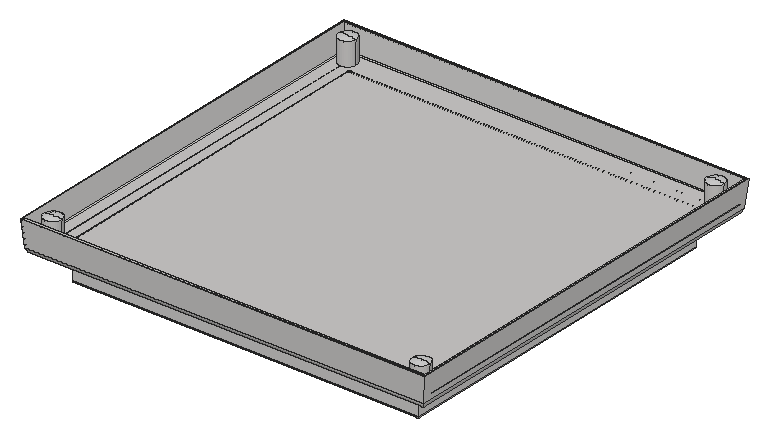
Revit family "Gorter BV THERMO 800x800mm", category Generic Models, host Face, Revit 2019
Family settings
  Host = Face
  Can host rebar = No
  Round Connector Dimension = Use Diameter
  Part Type = Normal
  Cut with Voids When Loaded = Yes
  Shared = No
  Room Calculation Point = No
Parameters (values of type "BV THERMO 800x800mm")
  vullen_met_beton = "ja"  # constant formula
  vergrendeling = "nee"  # constant formula
  uitwendige_lengte = 935 mm
  uitwendige_breedte = 935 mm
  sluiting = "4"  # constant formula
  scharnierend = "nee"  # constant formula
  rubberen_afdichting = "enkel"  # constant formula
  productgroep = ""
  materiaal = bcb_staal
  inbouwhoogte [instance] = 75 mm
  geïsoleerd = "ja"  # constant formula
  gewicht = "33"
  gasdrukveer = "nee"  # constant formula
  brandwerend 90 min = "nee"  # constant formula
  binnenmaat_lengte = uitwendige_lengte - 135 mm  # 800 mm
  binnenmaat_breedte = uitwendige_breedte - 135 mm  # 800 mm
  binnenluik = "tbv betonvulling"  # constant formula
  belasting = "125 kN"  # constant formula
  URL = ""
  RC-waarde = "3.2 m2 K/W"
  Model = "BV THERMO"  # constant formula
  Manufacturer = "Gorter"  # constant formula
  Description = "BV THERMO 88"
  Default Elevation = 1219.2 mm
Types (6, lengths in mm): name | uitwendige_lengte | uitwendige_breedte | gewicht | binnenmaat_lengte | binnenmaat_breedte | Description
  (no name) | 935 | 935 | "33" | 800 | 800 | "BV THERMO 88"
  BV THERMO 600x600mm | 735 | 735 | "23" | 600 | 600 | "BV THERMO 66"
  BV THERMO 800x600mm | 935 | 735 | "29" | 800 | 600 | "BV THERMO 86"
  BV THERMO 800x800mm | 935 | 935 | "33" | 800 | 800 | "BV THERMO 88"
  BV THERMO 1000x600mm | 1135 | 735 | "33" | 1000 | 600 | "BV THERMO 106"
  BV THERMO 600x400mm | 735 | 535 | "23" | 600 | 400 | "BV THERMO 64"
Reference planes
  plane 1 "Center (Front/Back)": y = 0
  plane 2: z = 0
  plane 3 "Center (Left/Right)": x = 0
  plane 4: y = 467.5
  plane 5: y = -467.5
  plane 6: x = 467.5
  plane 7: x = -467.5
  plane 8: z = -75
  plane 9: x = -425.5
  plane 10: y = 425.5
  plane 11: y = -425.5
  plane 12: x = 425.5
  plane 13: x = -305.5
  plane 14: x = 305.5
  plane 15: y = -305.5
  plane 16: y = 305.5
  plane 17: x = -397
  plane 18: x = 397
  plane 19: y = -396.5
  plane 20: y = 396.5
Forms (mm)
  Sweep 1, solid, material "bcb_staal" <- "materiaal", detail levels medium+fine
    path origin (0, 0, 0) x (1, 0, 0) y (0, 1, 0)
      loop
        line (-467.5, 467.5) -> (-467.5, -467.5) -> (467.5, -467.5) -> (467.5, 467.5) -> (-467.5, 467.5)
    profile origin (-467.5, 0, 0) x (-1, 0, 0) y (0, 0, 1)
      loop
        line (0, 0) -> (-2.01, 0) -> (-8.062, -60.739)
        arc (-8.062, -60.739) -> (-19.025, -71.913) -> (-32.302, -63.62) r 12.5
        line (-32.302, -63.62) -> (-34.724, -56.679)
        arc (-34.724, -56.679) -> (-38.41, -54.001) -> (-42.212, -56.51) r 4
        line (-42.212, -56.51) -> (-44.362, -61.868)
        arc (-44.362, -61.868) -> (-48.269, -64.946) -> (-52.899, -63.13) r 5
        line (-52.899, -63.13) -> (-56.64, -57.982)
        arc (-56.64, -57.982) -> (-63.349, -55.792) -> (-67.5, -61.5) r 6
        line (-67.5, -61.5) -> (-67.5, -75) -> (-65.5, -75) -> (-65.5, -61.5)
        arc (-65.5, -61.5) -> (-62.734, -57.695) -> (-58.262, -59.152) r 4
        line (-58.262, -59.152) -> (-54.667, -64.109)
        arc (-54.667, -64.109) -> (-48.142, -66.947) -> (-42.504, -62.607) r 7
        line (-42.504, -62.607) -> (-40.356, -57.255)
        arc (-40.356, -57.255) -> (-38.451, -56.001) -> (-36.61, -57.346) r 2
        line (-36.61, -57.346) -> (-34.19, -64.279)
        arc (-34.19, -64.279) -> (-18.789, -73.899) -> (-6.071, -60.938) r 14.5
        line (-6.071, -60.938) -> (0, 0)
  Sweep 2, solid, material "bcb_staal" <- "materiaal", detail levels medium+fine
    path origin (0, 0, 0) x (1, 0, 0) y (0, 1, 0)
      loop
        line (-467.5, 467.5) -> (-467.5, -467.5) -> (467.5, -467.5) -> (467.5, 467.5) -> (-467.5, 467.5)
    profile origin (-467.5, 0, 0) x (-1, 0, 0) y (0, 0, 1)
      loop
        line (-10.487, -50.628) -> (-2.484, 0) -> (-4.5, 0) -> (-12.438, -50.313)
        arc (-12.438, -50.313) -> (-13.121, -51.538) -> (-14.437, -52.024) r 2.024
        line (-14.437, -52.024) -> (-67.5, -52.024) -> (-67.5, -53.988) -> (-14.751, -53.988)
        arc (-14.751, -53.988) -> (-11.962, -53.142) -> (-10.487, -50.628) r 4
  Sweep 3, solid, material "bcb_staal" <- "materiaal", detail levels coarse
    path origin (0, 0, 0) x (1, 0, 0) y (0, 1, 0)
      loop
        line (-467.5, 467.5) -> (-467.5, -467.5) -> (467.5, -467.5) -> (467.5, 467.5) -> (-467.5, 467.5)
    profile origin (-467.5, 0, 0) x (-1, 0, 0) y (0, 0, 1)
      loop
        line (0, 0) -> (-4.5, 0) -> (-12.74, -52.024) -> (-67.5, -52.024) -> (-67.5, -75) -> (-7.473, -75) -> (0, 0)
  Extrusion 4, solid, material "bcb_staal" <- "materiaal", detail levels medium+fine
    sketch origin (0, 0, 0) x (1, 0, 0) y (0, 1, 0)
      loop
        line (-400, 400) -> (-400, -400) -> (400, -400) -> (400, 400) -> (-400, 400)
    from -53.988 to -52
  Extrusion 5, solid, material "bcb_staal" <- "materiaal", detail levels coarse
    sketch origin (0, 0, 0) x (1, 0, 0) y (0, 1, 0)
      loop
        line (-400, 400) -> (-400, -400) -> (400, -400) -> (400, 400) -> (-400, 400)
    from -75 to -52.024
  Extrusion 6, void
    sketch origin (0, 0, 0) x (1, 0, 0) y (0, 1, 0)
      loop
        line (-305.5, -305.5) -> (305.5, -305.5) -> (305.5, 305.5) -> (-305.5, 305.5) -> (-305.5, -305.5)
    from -500 to 10
  Sweep 7, void
    path origin (0, 0, 0) x (1, 0, 0) y (0, 1, 0)
      loop
        line (-467.5, 467.5) -> (-467.5, -467.5) -> (467.5, -467.5) -> (467.5, 467.5) -> (-467.5, 467.5)
    profile origin (-467.5, 0, 0) x (-1, 0, 0) y (0, 0, 1)
      loop
        line (0.498, 5) -> (-162, 5) -> (-162, -365) -> (-65.5, -365) -> (-65.5, -75) -> (-7.473, -75) -> (0.498, 5)
  Sweep 8, solid, material "bcb_staal" <- "materiaal"
    path origin (0, 0, 0) x (1, 0, 0) y (0, 1, 0)
      loop
        line (-467.5, 467.5) -> (-467.5, -467.5) -> (467.5, -467.5) -> (467.5, 467.5) -> (-467.5, 467.5)
    profile origin (-467.5, 0, 0) x (-1, 0, 0) y (0, 0, 1)
      loop
        line (-58.5, -55.001) -> (-58.5, -54.001) -> (-66.5, -54.001)
        arc (-66.5, -54.001) -> (-67.914, -54.587) -> (-68.5, -56.001) r 2
        line (-68.5, -56.001) -> (-68.5, -136)
        arc (-68.5, -136) -> (-68.793, -136.707) -> (-69.5, -137) r 1
        line (-69.5, -137) -> (-82.5, -137) -> (-82.5, -138) -> (-69.5, -138)
        arc (-69.5, -138) -> (-68.086, -137.414) -> (-67.5, -136) r 2
        line (-67.5, -136) -> (-67.5, -56.001)
        arc (-67.5, -56.001) -> (-67.207, -55.294) -> (-66.5, -55.001) r 1
        line (-66.5, -55.001) -> (-58.5, -55.001)
  Extrusion 9, solid, material "bcb_pe"
    sketch origin (0, 0, 0) x (1, 0, 0) y (0, 1, 0)
      loop
        line (-397, 396.5) -> (-397, -396.5) -> (397, -396.5) -> (397, 396.5) -> (-397, 396.5)
    from -137 to -57.982
Cuts and joins
  joined: Sweep 2, Extrusion 4
  joined: Sweep 3, Extrusion 5
Dimensions and locks
  equal spacing: plane 7, plane 3 "Center (Left/Right)", plane 6
  "uitwendige_breedte": plane 7 to plane 6
  equal spacing: plane 4, plane 1 "Center (Front/Back)", plane 5
  "uitwendige_lengte": plane 4 to plane 5
  locked: plane 4 to plane 10 at 42
  locked: plane 7 to plane 9 at 42
  locked: plane 12 to plane 6 at 42
  locked: plane 5 to plane 11 at 42
  locked: plane 9 to plane 13 at 120
  locked: plane 14 to plane 12 at 120
  locked: plane 15 to plane 11 at 120
  locked: plane 10 to plane 16 at 120
  locked: plane 9 to plane 17 at 28.5
  locked: plane 18 to plane 12 at 28.5
  locked: plane 11 to plane 19 at 29
  locked: plane 10 to plane 20 at 29
  aligned and locked: plane 2 to host face
  aligned and locked: level to host face
  aligned and locked: Sweep 1 sketch curve to plane 4
  aligned and locked: plane 7 to Sweep 1 sketch curve
  aligned and locked: plane 5 to Sweep 1 sketch curve
  aligned and locked: Sweep 1 sketch curve to plane 6
  aligned and locked: Sweep 2 sketch curve to Sweep 1  (x4)
  aligned and locked: Sweep 3 sketch curve to Sweep 1  (x4)
  aligned and locked: Extrusion 4 sketch curve to Sweep 1  (x4)
  aligned and locked: Extrusion 5 sketch curve to Sweep 3  (x2)
  aligned and locked: Extrusion 5 sketch curve to Sweep 1  (x2)
  aligned and locked: plane 9 to nested 1
  aligned and locked: nested 1 to plane 10
  aligned and locked: nested 2 to plane 12
  aligned and locked: plane 10 to nested 2
  aligned and locked: plane 11 to nested 3
  aligned and locked: nested 3 to plane 9
  aligned and locked: nested 4 to plane 11
  aligned and locked: plane 12 to nested 4
  aligned and locked: Extrusion 6 to plane 16
  aligned and locked: Extrusion 6 to plane 14
  aligned and locked: Extrusion 6 to plane 15
  aligned and locked: Extrusion 6 to plane 13
  aligned and locked: Sweep 7 sketch curve to plane 4
  aligned and locked: Sweep 7 sketch curve to plane 6
  aligned and locked: plane 5 to Sweep 7 sketch curve
  aligned and locked: plane 7 to Sweep 7 sketch curve
  aligned and locked: Sweep 8 sketch curve to plane 4
  aligned and locked: Sweep 8 sketch curve to plane 6
  aligned and locked: plane 7 to Sweep 8 sketch curve
  aligned and locked: plane 5 to Sweep 8 sketch curve
  aligned and locked: Extrusion 9 sketch curve to plane 20
  aligned and locked: Extrusion 9 sketch curve to plane 18
  aligned and locked: Extrusion 9 sketch curve to plane 19
  aligned and locked: Extrusion 9 sketch curve to plane 17
Automatic sketch dimensions
  host sketch curve to host sketch curve = 2000 mm  (x2)
  Sweep 1 sketch curve to profile plane = 0 mm
  profile plane to Sweep 1 sketch curve = 6.071 mm
  Sweep 1 sketch curve to Sweep 1 sketch curve = 1.99 mm
  Sweep 1 sketch curve to Sweep 1 sketch curve = 12.438 mm
  Sweep 1 sketch curve to Sweep 1 sketch curve = 0 mm  (x6)
  Sweep 1 sketch curve to Sweep 1 sketch curve = 11.802 mm
  Sweep 1 sketch curve to Sweep 1 sketch curve = 1.888 mm
  Sweep 1 sketch curve to Sweep 1 sketch curve = 2.423 mm
  Sweep 1 sketch curve to Sweep 1 sketch curve = 1.886 mm
  Sweep 1 sketch curve to Sweep 1 sketch curve = 1.89 mm
  Sweep 1 sketch curve to Sweep 1 sketch curve = 1.856 mm  (x2)
  Sweep 1 sketch curve to Sweep 1 sketch curve = 2.147 mm
  Sweep 1 sketch curve to Sweep 1 sketch curve = 1.858 mm
  Sweep 1 sketch curve to Sweep 1 sketch curve = 4.638 mm
  Sweep 1 sketch curve to Sweep 1 sketch curve = 3.899 mm
  Sweep 1 sketch curve to Sweep 1 sketch curve = 1.768 mm
  Sweep 1 sketch curve to Sweep 1 sketch curve = 3.741 mm
  Sweep 1 sketch curve to Sweep 1 sketch curve = 1.622 mm
  Sweep 1 sketch curve to Sweep 1 sketch curve = 3.238 mm
  Sweep 1 sketch curve to Sweep 1 sketch curve = 4 mm
  Sweep 1 sketch curve to Sweep 1 sketch curve = 2 mm
  Sweep 1 sketch curve to level = 56.51 mm
  Sweep 1 sketch curve to Sweep 1 sketch curve = 0.169 mm
  Sweep 1 sketch curve to Sweep 1 sketch curve = 0.745 mm
  Sweep 1 sketch curve to Sweep 1 sketch curve = 0.654 mm
  Sweep 1 sketch curve to Sweep 1 sketch curve = 1.471 mm
  Sweep 1 sketch curve to Sweep 1 sketch curve = 1.17 mm
  Sweep 1 sketch curve to Sweep 1 sketch curve = 2.821 mm
  Sweep 1 sketch curve to Sweep 1 sketch curve = 3.49 mm
  Sweep 1 sketch curve to Sweep 1 sketch curve = 1.239 mm
  Sweep 1 sketch curve to Sweep 1 sketch curve = 0.198 mm
  Sweep 1 sketch curve to Sweep 1 sketch curve = 1.867 mm
  Sweep 1 sketch curve to Sweep 1 sketch curve = 0.739 mm
  Sweep 1 sketch curve to Sweep 1 sketch curve = 13.5 mm
  profile plane to Sweep 1 sketch curve = 2.01 mm
  Sweep 1 sketch curve to Sweep 1 sketch curve = 60.938 mm
  Sweep 2 sketch curve to level = 0 mm
  profile plane to Sweep 2 sketch curve = 14.751 mm
  Sweep 2 sketch curve to Sweep 2 sketch curve = 0.313 mm  (x2)
  Sweep 2 sketch curve to Sweep 2 sketch curve = 0 mm  (x2)
  Sweep 2 sketch curve to Sweep 2 sketch curve = 1.95 mm
  Sweep 2 sketch curve to Sweep 2 sketch curve = 0.315 mm
  Sweep 2 sketch curve to Sweep 2 sketch curve = 53.063 mm
  profile plane to Sweep 2 sketch curve = 4.5 mm
  Sweep 2 sketch curve to Sweep 2 sketch curve = 2.016 mm
  Sweep 2 sketch curve to level = 52.024 mm
  Sweep 2 sketch curve to Sweep 2 sketch curve = 1.963 mm
  Sweep 3 sketch curve to level = 0 mm
  Sweep 3 sketch curve to profile plane = 0 mm
  profile plane to Sweep 3 sketch curve = 4.5 mm
  profile plane to Sweep 3 sketch curve = 12.74 mm
  Sweep 3 sketch curve to Sweep 3 sketch curve = 54.76 mm
  Sweep 3 sketch curve to level = 52.024 mm
  profile plane to Sweep 3 sketch curve = 7.473 mm
  Sweep 3 sketch curve to Sweep 3 sketch curve = 22.976 mm
  Extrusion 6 sketch curve to plane 11 = 120 mm
  Extrusion 6 sketch curve to plane 1 "Center (Front/Back)" = 305.5 mm
  Extrusion 6 sketch curve to plane 13 = 0 mm
  Extrusion 6 sketch curve to plane 14 = 0 mm
  level to Sweep 7 sketch curve = 5 mm
  profile plane to Sweep 7 sketch curve = 162 mm
  profile plane to Sweep 7 sketch curve = 65.5 mm
  profile plane to Sweep 7 sketch curve = 7.473 mm
  Sweep 7 sketch curve to profile plane = 0.498 mm
  Sweep 7 sketch curve to level = 75 mm
  Sweep 7 sketch curve to Sweep 7 sketch curve = 290 mm
  Sweep 8 sketch curve to Sweep 8 sketch curve = 0 mm  (x4)
  Sweep 8 sketch curve to Sweep 8 sketch curve = 1 mm  (x2)
  Sweep 8 sketch curve to Sweep 8 sketch curve = 8 mm
  Sweep 8 sketch curve to level = 56.001 mm
  profile plane to Sweep 8 sketch curve = 69.5 mm
  profile plane to Sweep 8 sketch curve = 68.5 mm
  Sweep 8 sketch curve to Sweep 8 sketch curve = 79.999 mm
  Sweep 8 sketch curve to Sweep 8 sketch curve = 13 mm
Nested families
  nested 1: "NLRS_33_GM_FB_TC_GORTER_vloerluik_BV_BCB_Inbusbout" at (-425.5, 425.5, -52.024), type "NLRS_33_GM_FB_TC_GORTER_vloerluik_BV_BCB_Inbusbout"
  nested 2: "NLRS_33_GM_FB_TC_GORTER_vloerluik_BV_BCB_Inbusbout" at (425.5, 425.5, -52.024) x (-1, 0, 0) z (0, 0, 1), type "NLRS_33_GM_FB_TC_GORTER_vloerluik_BV_BCB_Inbusbout"
  nested 3: "NLRS_33_GM_FB_TC_GORTER_vloerluik_BV_BCB_Inbusbout" at (-425.5, -425.5, -52.024), type "NLRS_33_GM_FB_TC_GORTER_vloerluik_BV_BCB_Inbusbout"
  nested 4: "NLRS_33_GM_FB_TC_GORTER_vloerluik_BV_BCB_Inbusbout" at (425.5, -425.5, -52.024) x (-1, 0, 0) z (0, 0, 1), type "NLRS_33_GM_FB_TC_GORTER_vloerluik_BV_BCB_Inbusbout"
Definition of nested family "NLRS_33_GM_FB_TC_GORTER_vloerluik_BV_BCB_Inbusbout"
  Parameters
    materiaal = none
    Default Elevation = 1219.2 mm
  Reference planes
    plane 1 "Center (Front/Back)": y = 0
    plane 2: z = 0
    plane 3 "Center (Left/Right)": x = 0
  Forms (mm)
    Extrusion 1, solid, not visible
      sketch origin (0, 0, 0) x (1, 0, 0) y (0, 1, 0)
        loop
          line (-250, 250) -> (-250, -250) -> (250, -250) -> (250, 250) -> (-250, 250)
      from 0 to -100
    Extrusion 2, solid, material <- "materiaal", detail levels medium+fine
      sketch origin (0, 0, 0) x (1, 0, 0) y (0, 1, 0)
        loop
          circle (0, 0) r 20
      from 0 to 52
    Revolve 3, solid, detail levels medium+fine
      sketch origin (0, 0, 0) x (1, 0, 0) y (0, 0, 1)
        loop
          line (-20, 52) -> (0, 52) -> (0, 56)
          arc (0, 56) -> (-10.198, 54.99) -> (-20, 52) r 52
        axis (0, 56) -> (0, 52)
      angle from 0 to 360
  Dimensions and locks
    aligned and locked: plane 2 to Extrusion 1
    aligned and locked: level to Extrusion 1
